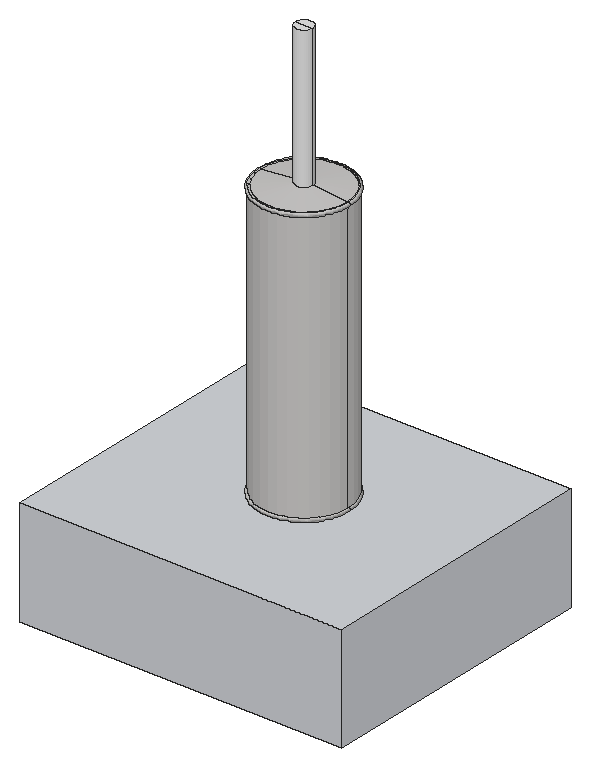
Revit family
Parameters (values of type "as Specified")
  Warranty Duration (Years) = 0
  Unit Width = 0' - 3 1/4"
  Unit Height = 1' - 3 3/8"
  Unit Depth = 0' - 3 1/4"
  URL = "http://www.americanspecialties.com/viewCategories.cfm"
  Fixture Material [instance] = Metal - Stainless Steel
  Test Data = ""
  Specification = "http://www.arcat.com/sdspecs/htm/10810asi.htm"
  SpecWizard = ""
  Send Message = "http://www.arcat.com/users.pl?action=UserEmail&company=American%20Specialties,%20Inc.&coid=30448&rep=139&fax=914-476-0688&mf="
  Sales Information = "http://www.americanspecialties.com/contact"
  Revision = "R1_2014-10"
  Product Properties = "http://www.americanspecialties.com/datasheets/7388.pdf"
  Product Data = "http://www.arcat.com/arcatcos/cos30/arc30448.html"
  Model = "7388"
  Manufacturer Website = "http://www.americanspecialties.com/viewCategories.cfm"
  Manufacturer Phone - Toll Free = ""
  Manufacturer Phone = "914-476-9000 "
  Manufacturer Fax = "914-476-0688"
  Manufacturer Address = "441 Saw Mill River Rd., Yonkers, NY 10701"
  Manufacturer = "American Specialties, Inc."
  Maintenance Schedule (Months) = 0
  Keynote = "10 28 13"
  Installation-Fabrication = "http://www.americanspecialties.com/products.cfm"
  Green Building-LEED = ""
  Expected Lifespan (Years) = 0
  Drawn By = "Sumex Design, Inc. / Robert S. Weygant. CSI, CDT, SCIP"
  Description = "ASI Freestanding Toilet Brush and Holder - Omara Collection 7388"
  Default Elevation = 0' - 0"
  Copyright = "©Arcat Inc."
  Construction Details = "http://www.arcat.com/green/clients/leed_data_30448.html"
  Building Codes = "http://www.americanspecialties.com/products.cfm"
  Brush Handle [instance] = Plastic - Formed Plastic
  Assembly Code = "C1030210"
Reference planes (in)
  plane 1 "Floor Line": z = 0
  plane 2 "Center (Left/Right)": x = 14.90407
  plane 3: x = 13.27907
  plane 4: x = 16.52907
  plane 5: y = -21.12654
  plane 6: z = 15.375
  plane 7 "Top": y = -19.50154
  plane 8: y = -22.75154
  plane 9: z = 22
  plane 10: z = 10
Forms (in)
  Extrusion 1, solid
    sketch origin (-2.65843, -11.79112, -6) x (0, 0, -1) y (1, 0, 0)
      loop
        line (-2.11544, 23.34397) -> (-6, 23.34397) -> (-6, 11.5625) -> (-2.11544, 11.5625) -> (-2.11544, 23.34397)
    from 14.83542 to 4.34809
  Revolve 2, solid, material "Metal - Stainless Steel" <- "Fixture Material"
    sketch origin (-9.15843, -21.12654, 48) x (1, 0, 0) y (0, 0, 1)
      loop
        line (24.0625, -32.625) -> (23.75, -32.625) -> (23.75, -37.76561) -> (22.49966, -37.875) -> (22.4375, -37.875)
        arc (22.4375, -37.875) -> (22.375, -37.9375) -> (22.4375, -38) r 0.0625
        line (22.4375, -38) -> (22.4375, -47.875)
        arc (22.4375, -47.875) -> (22.375, -47.9375) -> (22.4375, -48) r 0.0625
        line (22.4375, -48) -> (24.0625, -48) -> (24.0625, -32.625)
      axis (24.0625, -32.625) -> (24.0625, -48)
    angle from 0 to 360
Lines and regions (in)
  symbolic lines, style "SpecialityEquipmentHiddenLines"
    curve 1: line (13.27907, -16.53279, 10) -> (13.27907, -16.53279, 22)
    curve 2: line (13.27907, -16.53279, 22) -> (16.52907, -16.53279, 22)
    curve 3: line (16.52907, -16.53279, 22) -> (16.52907, -16.53279, 10)
    curve 4: line (14.90407, -22.75154, 10) -> (14.90407, -22.75154, 22)
    curve 5: line (14.90407, -22.75154, 22) -> (14.90407, -19.50154, 22)
    curve 6: line (14.90407, -19.50154, 22) -> (14.90407, -19.50154, 10)
Dimensions and locks (in)
  equal spacing: plane 3, plane 2 "Center (Left/Right)", plane 4
  "Unit Width": plane 3 to plane 4
  "Unit Height": plane 6 to level
  equal spacing: plane 8, plane 5, plane 7 "Top"
  "Unit Width": plane 8 to plane 7 "Top"
  locked: plane 10 to level at 10
  locked: plane 9 to plane 10 at 12
  aligned and locked: curve 3 to plane 4
  aligned and locked: plane 3 to curve 1
  aligned and locked: curve 2 to plane 9
  aligned and locked: plane 10 to curve 1
  aligned and locked: plane 10 to curve 3
  aligned and locked: curve 5 to plane 9
  aligned and locked: plane 7 "Top" to curve 6
  aligned and locked: curve 4 to plane 8
  aligned and locked: plane 10 to curve 4
  aligned and locked: plane 10 to curve 6
Automatic sketch dimensions
  Extrusion 1 sketch curve to Extrusion 1 sketch curve = 0' - 3.88456"
  Extrusion 1 sketch curve to Extrusion 1 sketch curve = 0' - 11.78147"
  Revolve 2 sketch curve to plane 6 = 0' - 0"
  Revolve 2 sketch curve to plane 2 "Center (Left/Right)" = 0' - 0"  (x2)
  Revolve 2 sketch curve to level = 0' - 0"
  Revolve 2 sketch curve to plane 10 = 0' - 0"
  plane 3 to Revolve 2 sketch curve = 0' - 0.06216"
  Revolve 2 sketch curve to plane 2 "Center (Left/Right)" = 0' - 0 5/16"
  Revolve 2 sketch curve to level = 0' - 3 5/8"
  Revolve 2 sketch curve to Revolve 2 sketch curve = 0' - 0 1/16"
  Revolve 2 sketch curve to plane 10 = 0' - 0 1/16"
  Revolve 2 sketch curve to plane 10 = 0' - 0 15/64"
  plane 9 to Revolve 2 sketch curve = 0' - 1 1/8"
  Revolve 2 sketch curve to plane 3 = 0' - 0"
